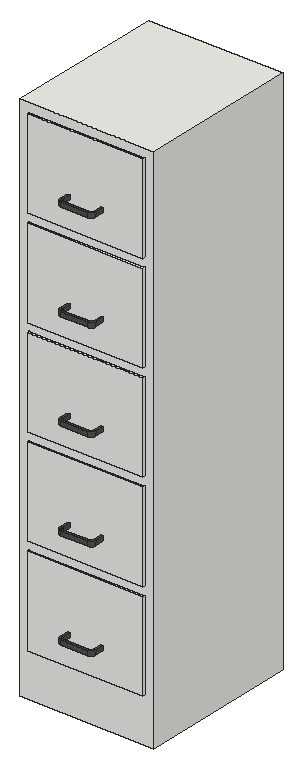
Revit family "Cabinet-File 5 Drawer", category Furniture, Revit 2018
Family settings
  OmniClass Number = 23.40.20.24.24
  OmniClass Title = Filing Cabinets
  Work Plane-Based = No
  Always vertical = Yes
  Cut with Voids When Loaded = No
  Shared = No
  Room Calculation Point = No
Parameters (values of type "15" x 18"")
  Assembly Code = "E2020200"
  Cabinet Material = Steel, Paint Finish, Ivory, Glossy
  Depth = 1' - 6"
  Handle Material = Steel, Chrome Plated
  Height = 5' - 0"
  Width = 1' - 3"
Types (7): name | Depth | Width
  (no name) | 1' - 6" | 1' - 3"
  15" x 18" | 1' - 6" | 1' - 3"
  15" x 25" | 2' - 1" | 1' - 3"
  15" x 29" | 2' - 5" | 1' - 3"
  18" x 29" | 2' - 5" | 1' - 6"
  42" x 15" Lat. | 1' - 3" | 3' - 6"
  42" x 18" Lat. | 1' - 6" | 3' - 6"
Reference planes (in)
  plane 1 "Center (Front/Back)": y = -5.59584
  plane 2: z = 0
  plane 3 "Center (Left/Right)": x = -5.03529
  plane 4: x = 2.46471
  plane 5: x = -12.53529
  plane 6: y = 3.40416
  plane 7: y = -14.59584
  plane 8: z = 60
  plane 9: y = -14.84584
Forms (in)
  Extrusion 1, solid, material "Steel, Paint Finish, Ivory, Glossy"
    sketch origin (0, 3.40416, 0) x (1, 0, 0) y (0, 0, 1)
      loop
        line (-11.53529, 59) -> (-11.53529, 49) -> (1.46471, 49) -> (1.46471, 59) -> (-11.53529, 59)
      loop
        line (-11.53529, 48) -> (-11.53529, 38) -> (1.46471, 38) -> (1.46471, 48) -> (-11.53529, 48)
      loop
        line (-11.53529, 37) -> (-11.53529, 27) -> (1.46471, 27) -> (1.46471, 37) -> (-11.53529, 37)
      loop
        line (-11.53529, 26) -> (-11.53529, 16) -> (1.46471, 16) -> (1.46471, 26) -> (-11.53529, 26)
      loop
        line (-11.53529, 15) -> (-11.53529, 5) -> (1.46471, 5) -> (1.46471, 15) -> (-11.53529, 15)
    from 18 to 18.25
  Extrusion 2, solid, material "Steel, Paint Finish, Ivory, Glossy" <- "Cabinet Material"
    sketch origin (0, 0, 0) x (1, 0, 0) y (0, 1, 0)
      loop
        line (-12.53529, 3.40416) -> (-12.53529, -14.59584) -> (2.46471, -14.59584) -> (2.46471, 3.40416) -> (-12.53529, 3.40416)
    from 0 to 60
  Sweep 3, solid, material "Steel, Chrome Plated" <- "Handle Material"
    path origin (0, 0, 0) x (1, 0, 0) y (0, 1, 0)
      loop
        line (-7.03529, -14.84584) -> (-7.03529, -15.84584)
        arc (-7.03529, -15.84584) -> (-6.88885, -16.19939) -> (-6.53529, -16.34584) r 0.5
        line (-6.53529, -16.34584) -> (-3.53529, -16.34584)
        arc (-3.53529, -16.34584) -> (-3.18174, -16.19939) -> (-3.03529, -15.84584) r 0.5
        line (-3.03529, -15.84584) -> (-3.03529, -14.84584)
    profile origin (0, -15.34584, 0) x (1, 0, 0) y (0, 0, 1)
      loop
        line (-7.03529, 8) -> (-6.78529, 8) -> (-6.78529, 8.5) -> (-7.03529, 8.5) -> (-7.03529, 8)
      loop
        line (-7.03529, 19) -> (-6.78529, 19) -> (-6.78529, 19.5) -> (-7.03529, 19.5) -> (-7.03529, 19)
      loop
        line (-7.03529, 30) -> (-6.78529, 30) -> (-6.78529, 30.5) -> (-7.03529, 30.5) -> (-7.03529, 30)
      loop
        line (-7.03529, 41) -> (-6.78529, 41) -> (-6.78529, 41.5) -> (-7.03529, 41.5) -> (-7.03529, 41)
      loop
        line (-7.03529, 52) -> (-6.78529, 52) -> (-6.78529, 52.5) -> (-7.03529, 52.5) -> (-7.03529, 52)
Lines and regions (in)
  Masking region 1
    outline origin (0, 0, 0) x (1, 0, 0) y (0, 1, 0)
      loop
        line (-12.53529, 3.40416) -> (-12.53529, -14.59584) -> (2.46471, -14.59584) -> (2.46471, 3.40416) -> (-12.53529, 3.40416)
  Masking region 2
    outline origin (0, 0, 0) x (1, 0, 0) y (0, 1, 0)
      loop
        line (-11.53529, -14.59584) -> (-11.53529, -14.84584) -> (1.46471, -14.84584) -> (1.46471, -14.59584) -> (-11.53529, -14.59584)
  symbolic lines
    curve 1: line (-6.78529, -15.84584, 0) -> (-6.78529, -14.84584, 0)
    curve 2: line (-3.53529, -16.09584, 0) -> (-6.53529, -16.09584, 0)
    curve 3: line (-3.28529, -14.84584, 0) -> (-3.28529, -15.84584, 0)
    curve 4: arc (-3.53529, -16.09584, 0) -> (-3.35852, -16.02262, 0) -> (-3.28529, -15.84584, 0) r 0.25
    curve 5: arc (-6.78529, -15.84584, 0) -> (-6.71207, -16.02262, 0) -> (-6.53529, -16.09584, 0) r 0.25
Dimensions and locks (in)
  equal spacing: plane 5, plane 3 "Center (Left/Right)", plane 4
  equal spacing: plane 7, plane 1 "Center (Front/Back)", plane 6
  "Width": plane 5 to plane 4
  "Depth": plane 7 to plane 6
  "Height": plane 8 to plane 2
  plane 7 to plane 9 = 0' - 0 1/4"
  aligned and locked: Extrusion 1 to plane 7
  aligned and locked: plane 9 to Extrusion 1
  aligned and locked: Extrusion 2 to plane 8
  aligned and locked: Extrusion 2 to level
  aligned and locked: Masking region 1 sketch curve to plane 5
  aligned and locked: plane 4 to Masking region 1 sketch curve
  aligned and locked: plane 6 to Masking region 1 sketch curve
  aligned and locked: Masking region 1 sketch curve to plane 7
  aligned and locked: Masking region 2 sketch curve to plane 9
  aligned and locked: plane 7 to Masking region 2 sketch curve
  aligned and locked: Masking region 2 sketch curve to Extrusion 1  (x2)
  aligned and locked: curve 1 to Sweep 3
  aligned and locked: curve 2 to Sweep 3
  aligned and locked: curve 3 to Sweep 3
  aligned: curve 5 to Sweep 3
Automatic sketch dimensions
  Extrusion 1 sketch curve to plane 5 = 0' - 1"  (x3)
  Extrusion 1 sketch curve to Extrusion 1 sketch curve = 0' - 0"  (x3)
  plane 4 to Extrusion 1 sketch curve = 0' - 1"  (x4)
  level to Extrusion 1 sketch curve = 0' - 5"
  plane 8 to Extrusion 1 sketch curve = 0' - 1"
  Extrusion 1 sketch curve to Extrusion 1 sketch curve = 0' - 10"  (x4)
  Extrusion 1 sketch curve to Extrusion 1 sketch curve = 0' - 1"  (x4)
  Sweep 3 sketch curve to profile plane = 0' - 0"  (x5)
  Sweep 3 sketch curve to profile plane = 0' - 0 1/4"  (x5)
  level to Sweep 3 sketch curve = 0' - 8"
  Sweep 3 sketch curve to Sweep 3 sketch curve = 0' - 0 1/2"  (x6)
  Sweep 3 sketch curve to Sweep 3 sketch curve = 0' - 10 1/2"  (x4)
  Sweep 3 sketch curve to plane 9 = 0' - 0"  (x2)
  plane 9 to Sweep 3 sketch curve = 0' - 1"
  Sweep 3 sketch curve to plane 3 "Center (Left/Right)" = 0' - 2"
  Sweep 3 sketch curve to plane 3 "Center (Left/Right)" = 0' - 1 1/2"
  plane 3 "Center (Left/Right)" to Sweep 3 sketch curve = 0' - 1 1/2"
  Extrusion 2 sketch curve to plane 7 = 0' - 0"
  Extrusion 2 sketch curve to plane 5 = 0' - 0"
  Extrusion 2 sketch curve to plane 6 = 0' - 0"
  Extrusion 2 sketch curve to plane 4 = 0' - 0"
  curve 1 to plane 9 = 0' - 0"
  curve 3 to plane 9 = 0' - 0"
  curve 2 to curve 3 = 0' - 0 1/4"
  curve 1 to curve 5 = 0' - 0 1/4"
